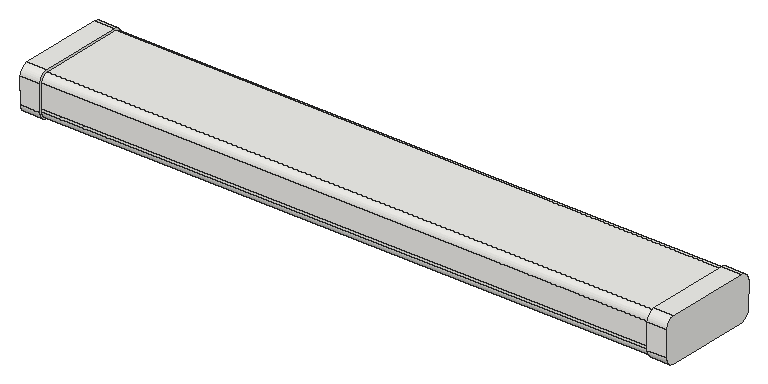
Revit family "Thorn COLLEGE 2 Infill Panel", category Lighting Fixtures, host Face, Revit 2023
Family settings
  Host = Face
  Round Connector Dimension = Use Diameter
  Part Type = Normal
  Cut with Voids When Loaded = No
  Light Source = No
  Maintain Annotation Orientation = No
  Shared = No
  Room Calculation Point = Yes
Parameters (values of type "COLLEGE 2 1200MM INFILL PANEL")
  Visibility Suspension [instance] = and(not(Ceiling Mounted), not(Besa Mounted), Suspended)  # no
  URL = "https://www.thornlighting.com/en/products/indoor-lighting/surface-and-suspended-luminaires/College_2"
  Type Image = COLLEGE 2 Infill Panel.jpg
  Suspension Height [instance] = 1000 mm
  Suspended [instance] = no
  SELECT MOUNTING OPTION [instance] = "SELECT MOUNTING OPTION"  # constant formula
  Offset Suspension [instance] = if(Suspension Height < 250 mm, 250 mm, if(Suspension Height > 3000 mm, 3000 mm, Suspension Height))  # 1000 mm
  Offset [instance] = if(Ceiling Mounted, 80 mm, if(Besa Mounted, 97 mm, if(Suspended, Offset Suspension, if(Contus Track Mounted, 105 mm, 80 mm))))  # 80 mm
  Model = "96800191"
  Manufacturer = "Thorn Lighting"  # constant formula
  Luminaire Width = 195.32 mm  # constant formula
  Luminaire Length = 1242 mm
  Luminaire Height = 82.32 mm  # constant formula
  Description = "Surface / Suspended LED Luminaire"  # constant formula
  Default Elevation = 0 mm  # constant formula
  Contus Track Mounted [instance] = no
  Ceiling Mounted [instance] = no
  Besa Mounted [instance] = no
  Assembly Code = "Pr_70_60_48_45"
  Apparent Load = 25 VA
Types (6, lengths in mm): name | Model | Luminaire Length
  (no name) | "96800191" | 1242
  COLLEGE 2 1200MM INFILL PANEL | "96800191" | 1242
  COLLEGE 2 300MM INFILL PANEL | "96800188" | 342
  COLLEGE 2 600MM INFILL PANEL | "96800189" | 642
  COLLEGE 2 900MM INFILL PANEL | "96800190" | 942
  COLLEGE 2 1500MM INFILL PANEL | "96800192" | 1542
Reference planes
  plane 1 "Center (Front/Back)": y = 0
  plane 2: z = 0
  plane 3 "Center (Left/Right)": x = 0
  plane 4: x = -621
  plane 5: x = 621
  plane 6: y = 97.66
  plane 7: y = -97.66
  plane 8: z = 80
  plane 9: x = -583.25
  plane 10: x = 583.25
  plane 11: x = -481
  plane 12: x = 481
Lines and regions (mm)
  Filled region 1, type "White"
    outline origin (0, 0, 0) x (1, 0, 0) y (0, 1, 0)
      loop
        line (-583.25, 95) -> (-583.25, -95) -> (583.25, -95) -> (583.25, 95) -> (-583.25, 95)
      loop
        line (-563.25, 0) -> (-481, -82.25) -> (-481, 82.25) -> (-563.25, 0)
      loop
        line (563.25, 0) -> (481, 82.25) -> (481, -82.25) -> (563.25, 0)
  Filled region 2, type "White"
    outline origin (0, 0, 0) x (1, 0, 0) y (0, 1, 0)
      loop
        line (-621, 97.66) -> (-621, -97.66) -> (-583.25, -97.66) -> (-583.25, 97.66) -> (-621, 97.66)
  Filled region 3, type "White"
    outline origin (0, 0, 0) x (-1, 0, 0) y (0, -1, 0)
      loop
        line (-621, -97.66) -> (-583.25, -97.66) -> (-583.25, 97.66) -> (-621, 97.66) -> (-621, -97.66)
  Filled region 4, type "Black"
    outline origin (0, 0, 0) x (1, 0, 0) y (0, 1, 0)
      loop
        line (-563.25, 0) -> (-481, -82.25) -> (-481, 82.25) -> (-563.25, 0)
  Filled region 5, type "Black"
    outline origin (0, 0, 0) x (-1, 0, 0) y (0, -1, 0)
      loop
        line (-563.25, 0) -> (-481, -82.25) -> (-481, 82.25) -> (-563.25, 0)
Dimensions and locks
  equal spacing: plane 4, plane 3 "Center (Left/Right)", plane 5
  "Luminaire Length": plane 4 to plane 5
  equal spacing: plane 7, plane 1 "Center (Front/Back)", plane 6
  "Luminaire Width": plane 7 to plane 6
  "Offset": plane 8 to level
  locked: plane 4 to plane 9 at 37.75
  locked: plane 5 to plane 10 at 37.75
  locked: plane 4 to plane 11 at 140
  locked: plane 5 to plane 12 at 140
  aligned and locked: plane 2 to host face
  aligned and locked: level to host face
  aligned and locked: plane 3 "Center (Left/Right)" to nested 1
  aligned and locked: plane 1 "Center (Front/Back)" to nested 1
  aligned and locked: Filled region 1 sketch curve to plane 10
  aligned and locked: Filled region 1 sketch curve to plane 9
  aligned and locked: Filled region 2 sketch curve to plane 6
  aligned and locked: Filled region 2 sketch curve to plane 7
  aligned and locked: plane 9 to Filled region 2 sketch curve
  aligned and locked: plane 4 to Filled region 2 sketch curve
  aligned and locked: Filled region 3 sketch curve to plane 10
  aligned and locked: plane 6 to Filled region 3 sketch curve
  aligned and locked: plane 7 to Filled region 3 sketch curve
  aligned and locked: plane 11 to Filled region 4 sketch curve
  aligned and locked: Filled region 1 sketch curve to plane 12
  aligned and locked: Filled region 5 sketch curve to plane 12
Automatic sketch dimensions
  host sketch curve to host sketch curve = 2438.4 mm  (x2)
  plane 1 "Center (Front/Back)" to Filled region 1 sketch curve = 0 mm  (x2)
  Filled region 1 sketch curve to plane 11 = 0 mm
  Filled region 1 sketch curve to plane 10 = 0 mm
  Filled region 1 sketch curve to plane 9 = 20 mm
  Filled region 1 sketch curve to plane 10 = 20 mm
  Filled region 1 sketch curve to plane 7 = 15.41 mm  (x2)
  Filled region 1 sketch curve to plane 7 = 2.66 mm
  Filled region 1 sketch curve to plane 6 = 2.66 mm
  Filled region 3 sketch curve to plane 5 = 0 mm
  plane 1 "Center (Front/Back)" to Filled region 4 sketch curve = 0 mm
  Filled region 4 sketch curve to plane 9 = 20 mm
  Filled region 4 sketch curve to plane 7 = 15.41 mm
  plane 1 "Center (Front/Back)" to Filled region 5 sketch curve = 0 mm
  Filled region 5 sketch curve to plane 10 = 20 mm
  Filled region 5 sketch curve to plane 6 = 15.41 mm
Nested families
  nested 1: "Thorn-Parts-College 2-Infill Panel-LOD 300" at (0, 0, 2.99) x (1, 0, 0) z (0, 0, -1), A <- "Luminaire Length", type "00"
    with D 1242 mm, A 1242 mm
Definition of nested family "Thorn-Parts-College 2-Infill Panel-LOD 300"
  Parameters (values of type "00")
    Material Plastic = none
    Material Housing = none
    Manufacturer = "Thorn Lighting"  # constant formula
    Default Elevation = 0 mm  # constant formula
    D [instance] = if(A < 200 mm, 200 mm, if(A > 1542 mm, 1542 mm, A))  # 1242 mm
    C = 82.32 mm  # constant formula
    B = 195.32 mm  # constant formula
    A [instance] = 1242 mm
  Reference planes
    plane 1 "Center (Front/Back)": y = 0
    plane 2: z = 0
    plane 3 "Center (Left/Right)": x = 0
    plane 4: x = -621
    plane 5: x = 621
    plane 6: x = -583.25
    plane 7: x = 583.25
  Forms (mm)
    Extrusion 1, solid, material <- "Material Plastic"
      sketch origin (0, 0, 922.99) x (0, 1, 0) y (0, 0, 1)
        loop
          line (95, -942.134) -> (-95, -942.134) -> (-95, -985.99)
          arc (-95, -985.99) -> (-90.899, -995.889) -> (-81, -999.99) r 14
          line (-81, -999.99) -> (81, -999.99)
          arc (81, -999.99) -> (90.899, -995.889) -> (95, -985.99) r 14
          line (95, -985.99) -> (95, -942.134)
      from -583.25 to 583.25
    Extrusion 2, solid, material <- "Material Housing"
      sketch origin (0, 0, 922.99) x (0, 1, 0) y (0, 0, 1)
        loop
          arc (95, -936.99) -> (90.899, -927.09) -> (81, -922.99) r 14
          line (81, -922.99) -> (-81, -922.99)
          arc (-81, -922.99) -> (-90.899, -927.09) -> (-95, -936.99) r 14
          line (-95, -936.99) -> (-95, -942.134) -> (95, -942.134) -> (95, -936.99)
      from -583.25 to 583.25
    Extrusion 3, solid, material <- "Material Plastic"
      sketch origin (-621, 889.358, 1200) x (0, 1, 0) y (0, 0, 1)
        loop
          arc (-791.698, -1214) -> (-796.578, -1202.22) -> (-808.358, -1197.34) r 16.66
          line (-808.358, -1197.34) -> (-970.358, -1197.34)
          arc (-970.358, -1197.34) -> (-982.139, -1202.22) -> (-987.018, -1214) r 16.66
          line (-987.018, -1214) -> (-987.018, -1263)
          arc (-987.018, -1263) -> (-982.139, -1274.78) -> (-970.358, -1279.66) r 16.66
          line (-970.358, -1279.66) -> (-808.358, -1279.66)
          arc (-808.358, -1279.66) -> (-796.578, -1274.78) -> (-791.698, -1263) r 16.66
          line (-791.698, -1263) -> (-791.698, -1214)
      from 0 to 37.75
    Extrusion 4, solid, material <- "Material Plastic"
      sketch origin (621, 889.358, 1200) x (0, 1, 0) y (0, 0, -1)
        loop
          line (-791.698, 1214) -> (-791.698, 1263)
          arc (-791.698, 1263) -> (-796.578, 1274.78) -> (-808.358, 1279.66) r 16.66
          line (-808.358, 1279.66) -> (-970.358, 1279.66)
          arc (-970.358, 1279.66) -> (-982.139, 1274.78) -> (-987.018, 1263) r 16.66
          line (-987.018, 1263) -> (-987.018, 1214)
          arc (-987.018, 1214) -> (-982.139, 1202.22) -> (-970.358, 1197.34) r 16.66
          line (-970.358, 1197.34) -> (-808.358, 1197.34)
          arc (-808.358, 1197.34) -> (-796.578, 1202.22) -> (-791.698, 1214) r 16.66
      from 0 to 37.75
  Dimensions and locks
    equal spacing: plane 4, plane 3 "Center (Left/Right)", plane 5
    "D": plane 4 to plane 5
    locked: plane 7 to plane 5 at 37.75
    locked: plane 4 to plane 6 at 37.75
    Extrusion 2 to Extrusion 1 sketch curve = 77 mm
    aligned and locked: level to plane 2
    aligned and locked: Extrusion 2 to plane 6
    aligned and locked: Extrusion 1 to plane 6
    aligned and locked: Extrusion 2 to plane 7
    aligned and locked: Extrusion 1 to plane 7
    aligned and locked: plane 6 to Extrusion 3
    aligned and locked: Extrusion 4 to plane 5
    aligned and locked: plane 7 to Extrusion 4
  Automatic sketch dimensions
    plane 1 "Center (Front/Back)" to Extrusion 1 sketch curve = 95 mm
    Extrusion 1 sketch curve to Extrusion 1 sketch curve = 14 mm  (x2)
    Extrusion 1 sketch curve to plane 1 "Center (Front/Back)" = 81 mm
    Extrusion 1 sketch curve to level = 19.144 mm
    Extrusion 2 sketch curve to level = 0 mm
    Extrusion 2 sketch curve to level = 14 mm
    plane 1 "Center (Front/Back)" to Extrusion 2 sketch curve = 95 mm
    Extrusion 2 sketch curve to plane 1 "Center (Front/Back)" = 81 mm
    Extrusion 2 sketch curve to Extrusion 2 sketch curve = 14 mm
    Extrusion 2 sketch curve to Extrusion 2 sketch curve = 5.144 mm
    plane 1 "Center (Front/Back)" to Extrusion 3 sketch curve = 97.66 mm
    Extrusion 3 sketch curve to Extrusion 3 sketch curve = 16.66 mm  (x3)
    level to Extrusion 3 sketch curve = 2.66 mm
    Extrusion 3 sketch curve to level = 14 mm
    Extrusion 3 sketch curve to plane 1 "Center (Front/Back)" = 81 mm
    Extrusion 3 sketch curve to Extrusion 3 sketch curve = 49 mm
    Extrusion 4 sketch curve to plane 1 "Center (Front/Back)" = 97.66 mm
    Extrusion 4 sketch curve to Extrusion 4 sketch curve = 16.66 mm  (x3)
    Extrusion 4 sketch curve to level = 2.66 mm
    level to Extrusion 4 sketch curve = 14 mm
    plane 1 "Center (Front/Back)" to Extrusion 4 sketch curve = 81 mm
    Extrusion 4 sketch curve to Extrusion 4 sketch curve = 49 mm
